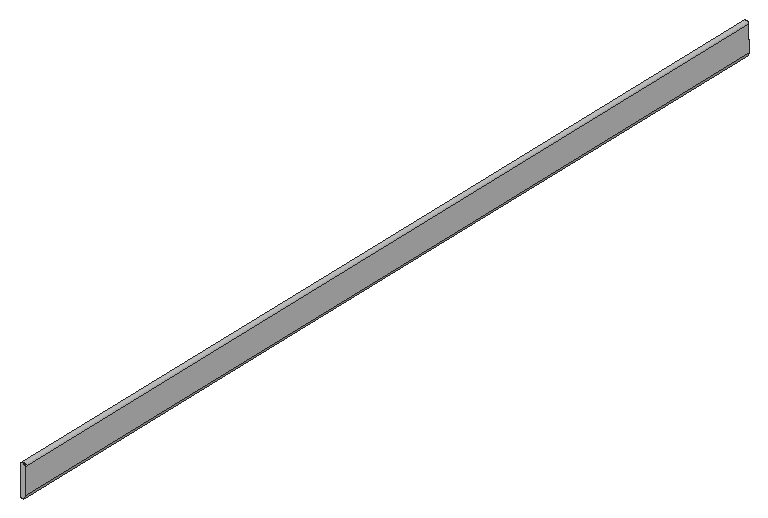
Revit family "DSM-DS", category Specialty Equipment, host Face, Revit 2020
Family settings
  Host = Face
  Round Connector Dimension = Use Diameter
  Part Type = Normal
  Cut with Voids When Loaded = No
  Shared = No
  Room Calculation Point = No
Parameters (values of type "SEE TYPE CATEGORY")
  Width = 0' - 0 1/2"
  URL = "http://www.emseal.com/"
  Type Image = EMSEAL DSM-DS.jpg
  Triple Shallow Depth [instance] = if(or(Width > 0' 1 67/256", Width < 0' 2 67/256"), 0' 2 1/2", Width)  # 0' - 2 1/2"
  Triple Shallow Bellow Depth [instance] = Triple Shallow Depth - (Triple Radius * 2)  # 0' - 2.33333"
  Triple Radius [instance] = Width / 6  # 0' - 0.08333"
  Triple Depth [instance] = if(or(Width > 0' 2 127/256", Width < 0' 2 131/256"), 0' 2 3/4", Width)  # 0' - 2 3/4"
  Triple Deep Bellow Depth [instance] = Triple Deep Depth - (Triple Radius * 2)  # 0' - 3.08333"
  Triple Deep Depth [instance] = if(or(Width > 0' 2 191/256", Width < 0' 3 61/256"), 0' 3 1/4", Width)  # 0' - 3 1/4"
  Triple Deep Bellow = no
  Triple Bellow Depth [instance] = Triple Depth - (Triple Radius * 2)  # 0' - 2.58333"
  Triple Bellow = no
  Single Bellow Depth [instance] = Single Depth - (Single Radius * 2)  # 0' - 2 1/4"
  Single Radius [instance] = Width / 2  # 0' - 0 1/4"
  Single Depth [instance] = if(Width < 0' 1 67/256", 0' 2 3/4", 0' 4 1/4")  # 0' - 2 3/4"
  Quad Shallow Depth [instance] = if(or(Width > 0' 3 67/256", Width < 0' 3 131/256"), 0' 3 1/2", Width)  # 0' - 3 1/2"
  Quad Shallow Bellow Depth [instance] = Quad Shallow Depth - (Quad Radius * 2)  # 0' - 3 3/8"
  Quad Radius [instance] = Width / 8  # 0' - 0 1/16"
  Quad Deep Depth [instance] = if(or(Width > 0' 3 189/256", Width < 0' 4 3/256"), 0' 4", Width)  # 0' - 4"
  Quad Deep Bellow Depth [instance] = Quad Deep Depth - (Quad Radius * 2)  # 0' - 3 7/8"
  Quad Deep Bellow = no
  Pick Resistant = no
  Product Data URL = "https://bit.ly/3iIJTq4"
  CE Certification = "0679-CPR-1251"
  Triple Shallow Bellow = no
  Tensile Strength (ASTM D3574) = "18 psi min; 145 kPa"
  Temperature Range (ASTM C711) = "185°F (85°C) to -40°F (-40°C)"
  Staining (ASTM C510) = "None"
  Single Bellow = yes
  Seal Material Note = "DSM-DS is a dual-sided expansion joint. It has bellows on the top and on the bottom."
  Seal Material [instance] = Silicone - Sikasil WS-295 Deck Gray
  Rate of Air Leakage (ASTM E283) = "Passed"
  R Value Range (ASTM C518) = "2.1 per 1-inch (25mm) depth"
  Quad Shallow Bellow = no
  Product Page URL = "https://bit.ly/3m0vcAK"
  Product Documentation URL = "https://bit.ly/3iIJTq4"
  Movement (of Nominal Material Size) = "+50% / -50%"
  Model = "DSM-DS"
  Manufacturer = "EMSEAL Joint Systems Ltd"
  Length [instance] = 6' - 6 23/32"
  Durometer Hardness of Silicone Coating (ASTM D2240) = "Shore A: 15"
  Description = "Dual-sided silicone bellows seals from both sides of joint"
  Depth = 0' - 4"
  Default Elevation = 0' - 0"
  Calc Width Triple [instance] = if(or(Width > 0' 3 131/256", Width < 0' 1 125/256"), 0' 1 1/2", Width)  # 0' - 1 1/2"
  Calc Width Single [instance] = if(Width > 0' 1 67/256", 0' 1 67/256", Width)  # 0' - 0 1/2"
  Calc Width Quad [instance] = if(or(Width > 0' 4 3/256", Width < 0' 3 67/256"), 0' 3 1/4", Width)  # 0' - 3 1/4"
  Assembly Code = "C3020200"
  ABAA Compliance = yes
Types (3): name | Type Image | Triple Deep Bellow | Triple Bellow | Quad Deep Bellow | Pick Resistant | Product Data URL | Tensile Strength (ASTM D3574) | Seal Material Note | Seal Material | R Value Range (ASTM C518) | Product Page URL | Product Documentation URL | Model | Durometer Hardness of Silicone Coating (ASTM D2240) | Description
  (no name) | EMSEAL DSM-DS.jpg | no | no | no | no | "https://bit.ly/3iIJTq4" | "18 psi min; 145 kPa" | "DSM-DS is a dual-sided expansion joint. It has bellows on the top and on the bottom." | Silicone - Sikasil WS-295 Deck Gray | "2.1 per 1-inch (25mm) depth" | "https://bit.ly/3m0vcAK" | "https://bit.ly/3iIJTq4" | "DSM-DS" | "Shore A: 15" | "Dual-sided silicone bellows seals from both sides of joint"
  DFR - .5 inches | (empty or 0) | yes | yes | yes | yes | "https://bit.ly/34iawcN" | "21 psi min; 145 kPa" | "Emshield DFR-CE is coated on the top and bottom with water-resistant silicone." | Silicone - Dowsil 790 Gray | "1.03 per 1-inch (25mm) depth" | "https://cdn.emseal.com/wp-content/uploads/2020/01/Emshield-DFR-WFR-CE-Product-Data-Sheet-CE-marked-EN1366-4-movment-joint-Emseal.pdf" | "https://bit.ly/2yzQuP1" | "Emshield DFR-CE" | "Shore A: 25" | "CE Marked, EN 1366-4 Tested Watertight Fire-resistant movement joint"
  SEE TYPE CATEGORY | EMSEAL DSM-DS.jpg | no | no | no | no | "https://bit.ly/3iIJTq4" | "18 psi min; 145 kPa" | "DSM-DS is a dual-sided expansion joint. It has bellows on the top and on the bottom." | Silicone - Sikasil WS-295 Deck Gray | "2.1 per 1-inch (25mm) depth" | "https://bit.ly/3m0vcAK" | "https://bit.ly/3iIJTq4" | "DSM-DS" | "Shore A: 15" | "Dual-sided silicone bellows seals from both sides of joint"
Reference planes (in)
  plane 1 "Center (Front/Back)": y = 0
  plane 2: z = 0
  plane 3 "Center (Left/Right)": x = 0
  plane 4 "Width 1": x = -0.25
  plane 5 "Width 2": x = 0.25
  plane 6: y = 39.35937
  plane 7: y = -39.35938
  plane 8 "Single Depth": z = -2.75
  plane 9 "Quad Width 1": x = -1.625
  plane 10: x = -0.8125
  plane 11: x = 0.8125
  plane 12 "Quad Width 2": x = 1.625
  plane 13 "Triple Width 1": x = -0.75
  plane 14 "Triple Width 2": x = 0.75
  plane 15: x = 0.25
  plane 16: x = -0.25
  plane 17 "Single Width 1": x = -0.25
  plane 18 "Single Width 2": x = 0.25
  plane 19 "Expansion Line": z = 0.03125
  plane 20 "Triple Radius": z = -0.08333
  plane 21 "Triple Shallow Depth": z = -2.5
  plane 22 "Single Radius": z = -0.25
  plane 23 "Single Bellow Depth": z = -2.5
  plane 24 "Triple Shallow": z = -2.41667
  plane 25 "Triple Deep Depth": z = -3.25
  plane 26 "Triple Bellow": z = -2.66667
  plane 27 "Triple Depth": z = -2.75
  plane 28 "Quad Shallow Depth": z = -3.5
  plane 29 "Quad Shallow": z = -3.4375
  plane 30 "Quad Deep Depth": z = -4
  plane 31 "Quad Deep": z = -3.9375
  plane 32 "Triple Deep Bellow": z = -3.16667
  plane 33 "Quad Radius": z = -0.0625
Forms (in)
  Extrusion 1, void
    sketch origin (0, 0, 0) x (1, 0, 0) y (0, 1, 0)
      loop
        line (-0.25, -39.35938) -> (0.25, -39.35938) -> (0.25, 39.35937) -> (-0.25, 39.35937) -> (-0.25, -39.35938)
    from 0 to -30
  Extrusion 2, solid, detail levels coarse
    sketch origin (0, 0, 0) x (1, 0, 0) y (0, 1, 0)
      loop
        line (-0.25, 39.35937) -> (-0.25, -39.35938) -> (0.25, -39.35938) -> (0.25, 39.35937) -> (-0.25, 39.35937)
    from 0 to -2.75
  Extrusion 3, solid, material "Silicone - Sikasil WS-295 Deck Gray" <- "Seal Material", visible <- "Quad Shallow Bellow"
    sketch origin (0, 0, 0) x (1, 0, 0) y (0, 0, 1)
      loop
        line (-1.625, -0.40625) -> (-1.625, -3.4375)
        arc (-1.625, -3.4375) -> (-1.21875, -3.84375) -> (-0.8125, -3.4375) r 0.40625
        arc (-0.8125, -3.4375) -> (-0.40625, -3.84375) -> (0, -3.4375) r 0.40625
        arc (0, -3.4375) -> (0.40625, -3.84375) -> (0.8125, -3.4375) r 0.40625
        arc (0.8125, -3.4375) -> (1.21875, -3.84375) -> (1.625, -3.4375) r 0.40625
        line (1.625, -3.4375) -> (1.625, -0.40625)
        arc (1.625, -0.40625) -> (1.21875, 0) -> (0.8125, -0.40625) r 0.40625
        arc (0.8125, -0.40625) -> (0.40625, 0) -> (0, -0.40625) r 0.40625
        arc (0, -0.40625) -> (-0.40625, 0) -> (-0.8125, -0.40625) r 0.40625
        arc (-0.8125, -0.40625) -> (-1.21875, 0) -> (-1.625, -0.40625) r 0.40625
    from 39.35938 to -39.35937
  Extrusion 4, solid, material "Silicone - Sikasil WS-295 Deck Gray" <- "Seal Material", visible <- "Single Bellow"
    sketch origin (0, 0, 0) x (1, 0, 0) y (0, 0, 1)
      loop
        line (-0.25, -0.25) -> (-0.25, -2.5)
        arc (-0.25, -2.5) -> (0, -2.75) -> (0.25, -2.5) r 0.25
        line (0.25, -2.5) -> (0.25, -0.25)
        arc (0.25, -0.25) -> (0, 0) -> (-0.25, -0.25) r 0.25
    from 39.35938 to -39.35937
  Extrusion 5, solid, material "Silicone - Sikasil WS-295 Deck Gray" <- "Seal Material", visible <- "Triple Shallow Bellow"
    sketch origin (0, 0, 0) x (1, 0, 0) y (0, 0, 1)
      loop
        line (-0.75, -0.08333) -> (-0.75, -2.41667)
        arc (-0.75, -2.41667) -> (-0.5, -2.66667) -> (-0.25, -2.41667) r 0.25
        arc (-0.25, -2.41667) -> (0, -2.66667) -> (0.25, -2.41667) r 0.25
        arc (0.25, -2.41667) -> (0.5, -2.66667) -> (0.75, -2.41667) r 0.25
        line (0.75, -2.41667) -> (0.75, -0.08333)
        arc (0.75, -0.08333) -> (0.5, 0.16667) -> (0.25, -0.08333) r 0.25
        arc (0.25, -0.08333) -> (0, 0.16667) -> (-0.25, -0.08333) r 0.25
        arc (-0.25, -0.08333) -> (-0.5, 0.16667) -> (-0.75, -0.08333) r 0.25
    from 39.35938 to -39.35937
  Extrusion 6, solid, material "Silicone - Sikasil WS-295 Deck Gray" <- "Seal Material", visible <- "Triple Bellow"
    sketch origin (0, 0, 0) x (1, 0, 0) y (0, 0, 1)
      loop
        line (-0.75, -0.08333) -> (-0.75, -2.66667)
        arc (-0.75, -2.66667) -> (-0.5, -2.91667) -> (-0.25, -2.66667) r 0.25
        arc (-0.25, -2.66667) -> (0, -2.91667) -> (0.25, -2.66667) r 0.25
        arc (0.25, -2.66667) -> (0.5, -2.91667) -> (0.75, -2.66667) r 0.25
        line (0.75, -2.66667) -> (0.75, -0.08333)
        arc (0.75, -0.08333) -> (0.5, 0.16667) -> (0.25, -0.08333) r 0.25
        arc (0.25, -0.08333) -> (0, 0.16667) -> (-0.25, -0.08333) r 0.25
        arc (-0.25, -0.08333) -> (-0.5, 0.16667) -> (-0.75, -0.08333) r 0.25
    from 39.35938 to -39.35937
  Extrusion 7, solid, material "Silicone - Sikasil WS-295 Deck Gray" <- "Seal Material", visible <- "Triple Deep Bellow"
    sketch origin (0, 0, 0) x (1, 0, 0) y (0, 0, 1)
      loop
        line (-0.75, -0.08333) -> (-0.75, -3.16667)
        arc (-0.75, -3.16667) -> (-0.5, -3.41667) -> (-0.25, -3.16667) r 0.25
        arc (-0.25, -3.16667) -> (0, -3.41667) -> (0.25, -3.16667) r 0.25
        arc (0.25, -3.16667) -> (0.5, -3.41667) -> (0.75, -3.16667) r 0.25
        line (0.75, -3.16667) -> (0.75, -0.08333)
        arc (0.75, -0.08333) -> (0.5, 0.16667) -> (0.25, -0.08333) r 0.25
        arc (0.25, -0.08333) -> (0, 0.16667) -> (-0.25, -0.08333) r 0.25
        arc (-0.25, -0.08333) -> (-0.5, 0.16667) -> (-0.75, -0.08333) r 0.25
    from 39.35938 to -39.35937
  Extrusion 8, solid, material "Silicone - Sikasil WS-295 Deck Gray" <- "Seal Material", visible <- "Quad Deep Bellow"
    sketch origin (0, 0, 0) x (1, 0, 0) y (0, 0, 1)
      loop
        line (-1.625, -0.0625) -> (-1.625, -3.9375)
        arc (-1.625, -3.9375) -> (-1.21875, -4.34375) -> (-0.8125, -3.9375) r 0.40625
        arc (-0.8125, -3.9375) -> (-0.40625, -4.34375) -> (0, -3.9375) r 0.40625
        arc (0, -3.9375) -> (0.40625, -4.34375) -> (0.8125, -3.9375) r 0.40625
        arc (0.8125, -3.9375) -> (1.21875, -4.34375) -> (1.625, -3.9375) r 0.40625
        line (1.625, -3.9375) -> (1.625, -0.0625)
        arc (1.625, -0.0625) -> (1.21875, 0.34375) -> (0.8125, -0.0625) r 0.40625
        arc (0.8125, -0.0625) -> (0.40625, 0.34375) -> (0, -0.0625) r 0.40625
        arc (0, -0.0625) -> (-0.40625, 0.34375) -> (-0.8125, -0.0625) r 0.40625
        arc (-0.8125, -0.0625) -> (-1.21875, 0.34375) -> (-1.625, -0.0625) r 0.40625
    from 39.35938 to -39.35937
Lines and regions (in)
  model lines, style "Expansion Graphic"
    curve 1: line (0, 39.35937, 0.03125) -> (0, -39.35938, 0.03125)
Dimensions and locks (in)
  "Width": plane 4 "Width 1" to plane 5 "Width 2"
  equal spacing: plane 4 "Width 1", plane 3 "Center (Left/Right)", plane 5 "Width 2"
  equal spacing: plane 6, plane 1 "Center (Front/Back)", plane 7
  "Length": plane 6 to plane 7
  equal spacing: plane 12 "Quad Width 2", plane 11, plane 3 "Center (Left/Right)", plane 10, plane 9 "Quad Width 1"
  "Calc Width Quad": plane 12 "Quad Width 2" to plane 9 "Quad Width 1"
  locked: plane 2 to Extrusion 3 sketch curve
  equal spacing: plane 13 "Triple Width 1", plane 16, plane 15, plane 14 "Triple Width 2"
  "Calc Width Triple": plane 13 "Triple Width 1" to plane 14 "Triple Width 2"
  equal spacing: plane 13 "Triple Width 1", plane 3 "Center (Left/Right)", plane 14 "Triple Width 2"
  equal spacing: plane 17 "Single Width 1", plane 3 "Center (Left/Right)", plane 18 "Single Width 2"
  "Calc Width Single": plane 17 "Single Width 1" to plane 18 "Single Width 2"
  locked: plane 2 to Extrusion 4 sketch curve
  locked: plane 19 "Expansion Line" to level at 0.03125
  "Single Radius": plane 2 to plane 22 "Single Radius"
  "Single Radius": plane 23 "Single Bellow Depth" to plane 8 "Single Depth"
  "Single Depth": plane 2 to plane 8 "Single Depth"
  "Triple Radius": plane 2 to plane 20 "Triple Radius"
  "Triple Radius": plane 24 "Triple Shallow" to plane 21 "Triple Shallow Depth"
  "Triple Shallow Depth": plane 2 to plane 21 "Triple Shallow Depth"
  "Triple Radius": plane 26 "Triple Bellow" to plane 27 "Triple Depth"
  "Triple Depth": plane 2 to plane 27 "Triple Depth"
  "Triple Radius": plane 32 "Triple Deep Bellow" to plane 25 "Triple Deep Depth"
  "Triple Deep Depth": plane 2 to plane 25 "Triple Deep Depth"
  "Quad Radius": plane 29 "Quad Shallow" to plane 28 "Quad Shallow Depth"
  "Quad Shallow Depth": plane 2 to plane 28 "Quad Shallow Depth"
  "Quad Radius": plane 31 "Quad Deep" to plane 30 "Quad Deep Depth"
  "Quad Radius": plane 2 to plane 33 "Quad Radius"
  "Quad Deep Depth": plane 2 to plane 30 "Quad Deep Depth"
  aligned and locked: plane 2 to host face
  aligned and locked: level to host face
  aligned and locked: Extrusion 1 sketch curve to plane 7
  aligned and locked: Extrusion 1 sketch curve to plane 4 "Width 1"
  aligned and locked: plane 6 to Extrusion 1 sketch curve
  aligned and locked: plane 5 "Width 2" to Extrusion 1 sketch curve
  aligned and locked: Extrusion 2 sketch curve to plane 6
  aligned and locked: plane 4 "Width 1" to Extrusion 2 sketch curve
  aligned and locked: plane 7 to Extrusion 2 sketch curve
  aligned and locked: Extrusion 2 sketch curve to plane 5 "Width 2"
  aligned and locked: Extrusion 2 to plane 8 "Single Depth"
  aligned and locked: level to Extrusion 2
  aligned and locked: Extrusion 3 sketch curve to plane 9 "Quad Width 1"
  aligned and locked: plane 12 "Quad Width 2" to Extrusion 3 sketch curve
  aligned and locked: plane 6 to Extrusion 3
  aligned and locked: Extrusion 3 to plane 7
  aligned and locked: plane 17 "Single Width 1" to Extrusion 4 sketch curve
  aligned and locked: Extrusion 4 sketch curve to plane 18 "Single Width 2"
  aligned and locked: Extrusion 4 to plane 7
  aligned and locked: plane 6 to Extrusion 4
  aligned and locked: curve 1 to plane 3 "Center (Left/Right)"
  aligned and locked: plane 6 to curve 1
  aligned and locked: plane 7 to curve 1
  aligned and locked: plane 13 "Triple Width 1" to Extrusion 5 sketch curve
  aligned and locked: Extrusion 5 sketch curve to plane 14 "Triple Width 2"
  aligned and locked: plane 6 to Extrusion 5
  aligned and locked: Extrusion 5 to plane 7
  aligned and locked: plane 22 "Single Radius" to Extrusion 4 sketch curve  (x2)
  aligned and locked: plane 23 "Single Bellow Depth" to Extrusion 4 sketch curve  (x2)
  aligned and locked: plane 13 "Triple Width 1" to Extrusion 6
  aligned and locked: Extrusion 6 to plane 14 "Triple Width 2"
  aligned and locked: plane 20 "Triple Radius" to Extrusion 6 sketch curve  (x4)
  aligned and locked: plane 24 "Triple Shallow" to Extrusion 5 sketch curve  (x4)
  aligned and locked: plane 16 to Extrusion 6 sketch curve  (x4)
  aligned and locked: plane 15 to Extrusion 6 sketch curve  (x4)
  aligned and locked: plane 13 "Triple Width 1" to Extrusion 6 sketch curve  (x2)
  aligned and locked: plane 14 "Triple Width 2" to Extrusion 6 sketch curve  (x2)
  aligned and locked: plane 26 "Triple Bellow" to Extrusion 6 sketch curve  (x4)
  aligned and locked: plane 13 "Triple Width 1" to Extrusion 7
  aligned and locked: Extrusion 7 to plane 14 "Triple Width 2"
  aligned and locked: plane 13 "Triple Width 1" to Extrusion 7 sketch curve
  aligned and locked: plane 20 "Triple Radius" to Extrusion 7 sketch curve
  aligned and locked: plane 29 "Quad Shallow" to Extrusion 3 sketch curve  (x5)
  aligned and locked: Extrusion 8 to plane 9 "Quad Width 1"
  aligned and locked: plane 12 "Quad Width 2" to Extrusion 8
  aligned and locked: Extrusion 8 sketch curve to plane 9 "Quad Width 1"
  aligned and locked: plane 12 "Quad Width 2" to Extrusion 8 sketch curve
  aligned and locked: plane 31 "Quad Deep" to Extrusion 8 sketch curve  (x5)
  aligned and locked: plane 32 "Triple Deep Bellow" to Extrusion 7 sketch curve  (x4)
  aligned and locked: plane 33 "Quad Radius" to Extrusion 8 sketch curve  (x5)
Automatic sketch dimensions
  host sketch curve to host sketch curve = 8' - 0"  (x2)
  Extrusion 3 sketch curve to plane 10 = 0' - 0"  (x4)
  Extrusion 3 sketch curve to plane 3 "Center (Left/Right)" = 0' - 0"  (x4)
  Extrusion 3 sketch curve to plane 11 = 0' - 0"  (x4)
  Extrusion 5 sketch curve to plane 20 "Triple Radius" = 0' - 0"
  plane 16 to Extrusion 5 sketch curve = 0' - 0"  (x4)
  Extrusion 5 sketch curve to plane 3 "Center (Left/Right)" = 0' - 0"  (x2)
  plane 15 to Extrusion 5 sketch curve = 0' - 0"  (x2)
  plane 16 to Extrusion 7 sketch curve = 0' - 0"  (x4)
  Extrusion 7 sketch curve to plane 3 "Center (Left/Right)" = 0' - 0"  (x2)
  plane 15 to Extrusion 7 sketch curve = 0' - 0"  (x2)
  plane 5 "Width 2" to Extrusion 7 sketch curve = 0' - 0 1/2"
  Extrusion 8 sketch curve to plane 10 = 0' - 0"  (x4)
  Extrusion 8 sketch curve to plane 3 "Center (Left/Right)" = 0' - 0"  (x4)
  Extrusion 8 sketch curve to plane 11 = 0' - 0"  (x4)
Types in the file's own list only (15): name | Width | Triple Deep Bellow | Triple Bellow | Quad Deep Bellow | Triple Shallow Bellow | Single Bellow | Quad Shallow Bellow | Depth | Default Elevation
  DSM-DS - .5 inches | 1/2" | No | No | No | No | Yes | No | 4" | 0"
  DSM-DS - .75 inches | 3/4" | No | No | No | No | Yes | No | 4" | 0"
  DSM-DS - 1 inches | 1" | No | No | No | No | Yes | No | 4" | 0"
  DSM-DS - 1.25 inches | 1 1/4" | No | No | No | No | Yes | No | 4" | 0"
  DSM-DS - 1.5 inches | 1 1/2" | No | No | No | Yes | No | No | 4" | 0"
  DSM-DS - 1.75 inches | 1 3/4" | No | No | No | Yes | No | No | 4" | 0"
  DSM-DS - 2 inches | 2" | No | No | No | Yes | No | No | 4" | 0"
  DSM-DS - 2.25 inches | 2 1/4" | No | No | No | Yes | No | No | 4" | 0"
  DSM-DS - 2.5 inches | 2 1/2" | No | Yes | No | No | No | No | 4" | 0"
  DSM-DS - 2.75 inches | 2 3/4" | Yes | No | No | No | No | No | 4" | 0"
  DSM-DS - 3 inches | 3" | Yes | No | No | No | No | No | 4" | 0"
  DSM-DS - 3.25 inches | 3 1/4" | No | No | No | No | No | Yes | 4" | 0"
  DSM-DS - 3.5 inches | 3 1/2" | No | No | No | No | No | Yes | 4" | 0"
  DSM-DS - 3.75 inches | 3 3/4" | No | No | Yes | No | No | No | 4" | 0"
  DSM-DS - 4 inches | 4" | No | No | Yes | No | No | No | 4" | 0"
